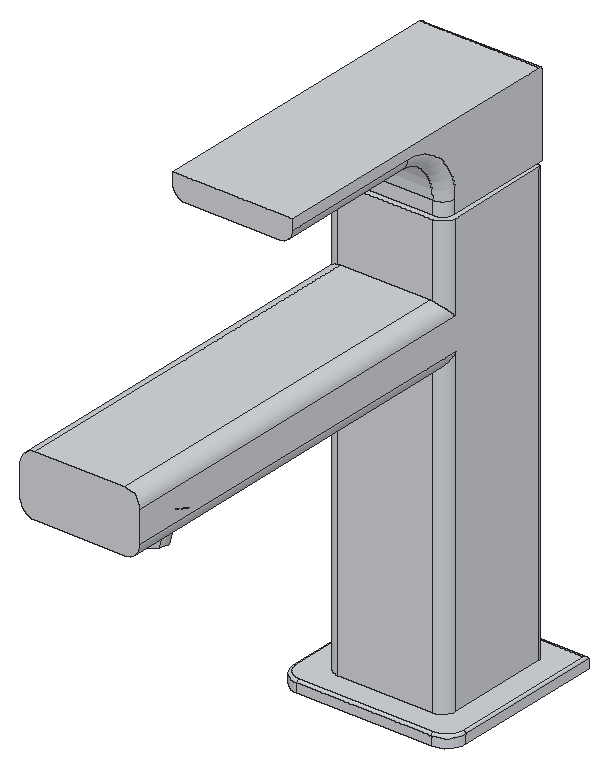
Revit family "Faucet-Lavatory -KOHLER-STRAYT-37333D_1", category Plumbing Fixtures, host Face, Revit 2017
Family settings
  Host = Face
  Round Connector Dimension = Use Diameter
  Part Type = Normal
  OmniClass Number = 23.31.11.00
  OmniClass Title = Faucets
  Cut with Voids When Loaded = No
  Shared = No
  Room Calculation Point = No
Parameters (values of type "CP-Polished Chrome")
  Width = 1 13/16"  # constant formula
  WaterSense Certified = 1 = 0  # no
  Waste Water Outlet = "Waste Water Outlet"  # constant formula
  Waste Connection = 1 = 0  # no
  Vent Connection = 1 = 0  # no
  URL = "https://www.kohler.co.uk/"
  Type = 1
  Spout Reach = 4 17/128"  # constant formula
  Product Page URL = ""
  Product Name = "STRAYT"  # constant formula
  Product Documentation Link = ""
  Pressure = 60.00 psi  # constant formula
  Model = "37333D-CP"  # constant formula
  Material = "Premium Metal Construction"  # constant formula
  Master Format 2014 Name = "Residential Faucets, Supplies, and Trim"  # constant formula
  Master Format 2014 = "22 41 39"  # constant formula
  Manufacturer Address = "Cromwell Road, Cheltenham, Gloucestershire. GL52 5EP Registered in England No. 252115"  # constant formula
  Manufacturer = "KOHLER Co."  # constant formula
  Length = Spout Reach  # 4 17/128"
  Hot Water Inlet = "Hot Water Inlet"  # constant formula
  Height = 5 179/256"  # constant formula
  Handle Clearance = 2 163/256"  # constant formula
  HW Connection = 1 = 1  # yes
  Flow Rate = 1.5 GPM  # constant formula
  Finish = Kohler-Metal-CP-Polished_Chrome
  Environmental Product Declaration = ""
  Drain Included = 1 = 0  # no
  Description = "Basin Pillar Tap, Chrome"  # constant formula
  Default Elevation = 36"
  Declare Label = ""
  Date Modified = "07/09/2021"  # constant formula
  Date Created = "07/09/2021"  # constant formula
  Copyright = "Copyright KOHLER Co."  # constant formula
  Contact Us = "https://www.kohler.co.uk/support/contact/"
  Cold Water Inlet = "Cold Water Inlet"  # constant formula
  CW Connection = 1 = 1  # yes
  Assembly Code = "D2010"
  ADA Compliant = 1 = 0  # no
Reference planes (in)
  plane 1 "Center (Front/Back)": y = 0
  plane 2: z = 0
  plane 3 "Center (Left/Right)": x = 0
  plane 4: y = 0.9055118
  plane 5: y = -0.9055118
  plane 6: y = 0.6299213
  plane 7: y = -0.6299213
  plane 8: z = 5.6992187
  plane 9: z = 3.6751969
  plane 10: y = -2.6367188
  plane 11: y = -4.1328125
  plane 12: z = 3.996063
  plane 13: z = 3.3543307
  plane 14: z = 3.1892987
  plane 15: y = -4.6456693
  plane 16: x = -0.9055118
  plane 17: x = 0.9069882
  plane 18: x = -0.4207677
  plane 19: x = 0.4207677
  plane 20: z = 0.1181102
  plane 21: x = -0.6299213
  plane 22: x = 0.6299213
Dimensions and locks (in)
  "Height": plane 8 to level
  "Spout Reach": plane 1 "Center (Front/Back)" to plane 11
  "Width": plane 16 to plane 17
  "Handle Clearance": plane 1 "Center (Front/Back)" to plane 10
  plane 14 to level = 3.1893"
  "Length": plane 11 to plane 1 "Center (Front/Back)"
  plane 5 to plane 4 = 1.81102"
  plane 15 to plane 4 = 5.55118"
  plane 12 to level = 3.99606"
  plane 21 to plane 22 = 1.25984"
  aligned and locked: plane 2 to host face
  aligned and locked: level to host face
Automatic sketch dimensions
  host sketch curve to host sketch curve = 96"  (x2)
Nested families (in)
  nested 1: "37333D" at (0, 0, 0), type "37333D"
Connectors (in)
  piping at (-0.4207677, 0.0070835, 0), diameter 0.5, driven by "HW Connection", driven by "Hot Water Inlet", driven by "Flow Rate", driven by "Pressure"
    settings: on nested 1, index 1, connector inside diameter 24", connector length 0", flow factor 0, pipe flow 1.5 GPM, pressure drop 60.00 psi, fitting loss kfactor 0, connector angle 0.00°, fixture units 0, engagement length 0", angle of deflection 0.00°, flow configuration 1, flow direction 1, fitting loss method 4, system type 19, joint type 0, gender type 0, connector reference index -1, connector utility 1, adjustable connector no, is connector primary yes, connector description "Hot Water Inlet"
  piping at (0.4207677, 0.0070835, 0), diameter 0.5, driven by "CW Connection", driven by "Cold Water Inlet", driven by "Flow Rate", driven by "Pressure"
    settings: on nested 1, index 2, connector inside diameter 24", connector length 0", flow factor 0, pipe flow 1.5 GPM, pressure drop 60.00 psi, fitting loss kfactor 0, connector angle 0.00°, fixture units 0, engagement length 0", angle of deflection 0.00°, flow configuration 1, flow direction 1, fitting loss method 4, system type 20, joint type 0, gender type 0, connector reference index -1, connector utility 1, adjustable connector no, is connector primary no, connector description "Cold Water Inlet"
Definition of nested family "37333D"
  Parameters (values of type "37333D")
    Material = none
  Reference planes (in)
    plane 1 "Center (Front/Back)": y = 0
    plane 2: z = 0
    plane 3 "Center (Left/Right)": x = 0
    plane 4: y = 0.9055118
    plane 5: y = 0.6299213
    plane 6: y = -0.9055118
    plane 7: y = -0.6299213
    plane 8: z = 5.7011549
    plane 9: y = -2.6377953
    plane 10: z = 3.1892987
    plane 11: y = -4.1338583
    plane 12: z = 3.6751969
    plane 13: z = 3.996063
    plane 14: z = 3.3543307
    plane 15: y = -4.6456693
    plane 16: x = -0.9055118
    plane 17: x = -0.6299213
    plane 18: x = 0.9055118
    plane 19: x = 0.6299213
    plane 20: z = 0.1181102
    plane 21: x = -0.4207677
    plane 22: x = 0.4207677
  Forms (in)
    Sweep 1, solid, material <- "Material", detail levels medium+fine
      path origin (0, 0, 0) x (1, 0, 0) y (0, 1, 0)
        loop
          line (-0.9055118, 0.9055118) -> (-0.9055118, -0.7086614)
          arc (-0.9055118, -0.7086614) -> (-0.8478557, -0.8478557) -> (-0.7086614, -0.9055118) r 0.1968504
          line (-0.7086614, -0.9055118) -> (0.7086614, -0.9055118)
          arc (0.7086614, -0.9055118) -> (0.8478557, -0.8478557) -> (0.9055118, -0.7086614) r 0.1968504
          line (0.9055118, -0.7086614) -> (0.9055118, 0.9055118) -> (-0.9055118, 0.9055118)
      profile origin (-0.9055118, 0.0984252, 0) x (1, 0, 0) y (0, 0, 1)
        loop
          line (0, 0) -> (0.0596051, 0) -> (0.0596051, 0.1181102) -> (0.0261346, 0.1181102)
          arc (0.0261346, 0.1181102) -> (0.0076546, 0.1104556) -> (0, 0.0919757) r 0.0261346
          line (0, 0.0919757) -> (0, 0)
    Extrusion 2, solid, material <- "Material", detail levels medium+fine
      sketch origin (0, 0, 0) x (1, 0, 0) y (0, 1, 0)
        loop
          line (-0.8459067, 0.8459067) -> (-0.8459067, -0.7086614)
          arc (-0.8459067, -0.7086614) -> (-0.8057085, -0.8057085) -> (-0.7086614, -0.8459067) r 0.1372453
          line (-0.7086614, -0.8459067) -> (0.7086614, -0.8459067)
          arc (0.7086614, -0.8459067) -> (0.8057085, -0.8057085) -> (0.8459067, -0.7086614) r 0.1372453
          line (0.8459067, -0.7086614) -> (0.8459067, 0.8459067) -> (-0.8459067, 0.8459067)
      from 0 to 0.1181102
    Extrusion 3, solid, material <- "Material", detail levels medium+fine
      sketch origin (0, 0, 0) x (1, 0, 0) y (0, 1, 0)
        loop
          line (-0.4969588, -0.6299213) -> (0.4960863, -0.6299213)
          arc (0.4960863, -0.6299213) -> (0.5907219, -0.5907219) -> (0.6299213, -0.4960863) r 0.1338349
          line (0.6299213, -0.4960863) -> (0.6299213, 0.6021528)
          arc (0.6299213, 0.6021528) -> (0.6217881, 0.6217881) -> (0.6021528, 0.6299213) r 0.0277685
          line (0.6021528, 0.6299213) -> (-0.6022873, 0.6299213)
          arc (-0.6022873, 0.6299213) -> (-0.6218275, 0.6218275) -> (-0.6299213, 0.6022873) r 0.0276339
          line (-0.6299213, 0.6022873) -> (-0.6299213, -0.4969588)
          arc (-0.6299213, -0.4969588) -> (-0.5909775, -0.5909775) -> (-0.4969588, -0.6299213) r 0.1329624
      from 0 to 4.7637795
    Revolve 4, solid, material <- "Material", detail levels medium+fine
      sketch origin (0, 0, 0) x (0, 1, 0) y (0, 0, 1)
        loop
          line (0, 4.7637795) -> (0.5410833, 4.7637795) -> (0.5410833, 4.8076434) -> (0, 4.8076434) -> (0, 4.7637795)
        axis (0, 4.8076434) -> (0, 4.7637795)
      angle from 0 to 360
    Extrusion 5, solid, material <- "Material", detail levels medium+fine
      sketch origin (0, 0.0336267, -1.2674343) x (0, 1, 0) y (0, 0, 1)
        loop
          line (-0.5211382, 6.0749279) -> (0.6089681, 6.0749279) -> (0.5992165, 6.9421676)
          arc (0.5992165, 6.9421676) -> (0.5912849, 6.9608684) -> (0.5724961, 6.9685892) r 0.026722
          line (0.5724961, 6.9685892) -> (-2.6714219, 6.9685892) -> (-2.6714219, 6.9046157) -> (-1.2359575, 6.9046157)
          arc (-1.2359575, 6.9046157) -> (-0.7305039, 6.6952499) -> (-0.5211382, 6.1897963) r 0.7148194
          line (-0.5211382, 6.1897963) -> (-0.5211382, 6.0749279)
      from -0.6299213 to 0.6299213
    Sweep 6, solid, material <- "Material", detail levels medium+fine
      path origin (0, 0.0336267, -1.2674343) x (0, 1, 0) y (0, 0, 1)
        loop
          line (-2.6714219, 6.7245342) -> (-1.1722294, 6.7245342)
          arc (-1.1722294, 6.7245342) -> (-0.8150569, 6.5765885) -> (-0.6671113, 6.2194161) r 0.5051181
          line (-0.6671113, 6.2194161) -> (-0.6671113, 6.0749279)
      profile origin (0, -2.6377953, 5.4570999) x (0, 0, 1) y (1, 0, 0)
        loop
          line (0, 0.496063) -> (0, -0.496063)
          arc (0, -0.496063) -> (0.0392062, -0.5907151) -> (0.1338583, -0.6299213) r 0.1338583
          line (0.1338583, -0.6299213) -> (0.244055, -0.6299213) -> (0.244055, 0.6299213) -> (0.1338583, 0.6299213)
          arc (0.1338583, 0.6299213) -> (0.0392062, 0.5907151) -> (0, 0.496063) r 0.1338583
    Extrusion 7, solid, material <- "Material", detail levels medium+fine
      sketch origin (0, 0, 0) x (1, 0, 0) y (0, 0, 1)
        loop
          line (-0.6299213, 3.8407153) -> (-0.6299213, 3.5096784)
          arc (-0.6299213, 3.5096784) -> (-0.584421, 3.399831) -> (-0.4745736, 3.3543307) r 0.1553477
          line (-0.4745736, 3.3543307) -> (0.4745736, 3.3543307)
          arc (0.4745736, 3.3543307) -> (0.584421, 3.399831) -> (0.6299213, 3.5096784) r 0.1553477
          line (0.6299213, 3.5096784) -> (0.6299213, 3.8407153)
          arc (0.6299213, 3.8407153) -> (0.584421, 3.9505627) -> (0.4745736, 3.996063) r 0.1553477
          line (0.4745736, 3.996063) -> (-0.4745736, 3.996063)
          arc (-0.4745736, 3.996063) -> (-0.584421, 3.9505627) -> (-0.6299213, 3.8407153) r 0.1553477
      from 0 to 4.6456693
    Sweep 8, solid, material <- "Material"
      path origin (0.0106987, -1.4795456, -1.8429164) x (1, 0, 0) y (0, 0.951057, -0.309017)
        loop
          circle (0, -4.0708661) r 0.3543307
      profile origin (0.0106987, -5.0141808, -0.6944438) x (0, -0.951057, 0.309017) y (0, 0.309017, 0.951057)
        loop
          line (-0.0586517, 3.9621017) -> (-0.010134, 3.9621017)
          arc (-0.010134, 3.9621017) -> (0.0046479, 3.9682245) -> (0.0107707, 3.9830063) r 0.0209046
          line (0.0107707, 3.9830063) -> (0.0107707, 4.046664)
          arc (0.0107707, 4.046664) -> (0.0167331, 4.0610584) -> (0.0311275, 4.0670208) r 0.0203568
          line (0.0311275, 4.0670208) -> (0.0641827, 4.0670208) -> (0.0641827, 4.3307699) -> (-0.2440417, 4.4309181) -> (-0.2641011, 4.3691816)
          arc (-0.2641011, 4.3691816) -> (-0.1152612, 4.2577355) -> (-0.0586517, 4.0806227) r 0.3053689
          line (-0.0586517, 4.0806227) -> (-0.0586517, 3.9621017)
    Revolve 9, solid, material <- "Material", detail levels medium+fine
      sketch origin (0, 0, -0.0030758) x (0, 1, 0) y (0, 0, 1)
        loop
          line (0.614304, 5.3207195) -> (0.614304, 5.1754738)
          arc (0.614304, 5.1754738) -> (0.6654148, 5.2399357) -> (0.6809597, 5.3207195) r 0.1729428
          line (0.6809597, 5.3207195) -> (0.614304, 5.3207195)
        axis (0.6809597, 5.3207195) -> (0.614304, 5.3207195)
      angle from 0 to 360
    Extrusion 10, solid, material <- "Material", detail levels coarse
      sketch origin (0, 0, 0) x (1, 0, 0) y (0, 1, 0)
        loop
          line (0.9360129, 0.925561) -> (-0.9360129, 0.925561) -> (-0.9360129, -0.9238456) -> (0.9360129, -0.9238456) -> (0.9360129, 0.925561)
      from 0 to 0.1431086
    Extrusion 11, solid, material <- "Material", detail levels coarse
      sketch origin (0, 0, 0) x (1, 0, 0) y (0, 1, 0)
        loop
          line (-0.6299213, -0.6551244) -> (0.6299213, -0.6551244) -> (0.6299213, 0.6692913) -> (-0.6299213, 0.6692913) -> (-0.6299213, -0.6551244)
      from 0.1181102 to 4.7637795
    Extrusion 12, solid, material <- "Material", detail levels coarse
      sketch origin (0, 0, 0) x (0, 1, 0) y (0, 0, 1)
        loop
          line (0.6774492, 5.7011549) -> (-2.6377953, 5.7011549) -> (-2.6377953, 5.4309669) -> (-1.0629921, 5.4309669)
          arc (-1.0629921, 5.4309669) -> (-0.7846036, 5.3156546) -> (-0.6692913, 5.0372661) r 0.3937008
          line (-0.6692913, 5.0372661) -> (-0.6692913, 4.8074936) -> (0.6874978, 4.8074936) -> (0.6774492, 5.7011549)
      from -0.6299213 to 0.6299213
    Extrusion 13, solid, material <- "Material", detail levels coarse
      sketch origin (0, 0, 0) x (1, 0, 0) y (0, 0, 1)
        loop
          line (0.6299213, 3.996063) -> (-0.6299213, 3.996063) -> (-0.6299213, 3.3543307) -> (0.6299213, 3.3543307) -> (0.6299213, 3.996063)
      from 0.4210559 to 4.6456693
    Revolve 14, solid, material <- "Material", detail levels coarse
      sketch origin (0, 0, 0) x (0, 1, 0) y (0, 0, 1)
        loop
          line (-4.1084747, 3.1772747) -> (-3.734043, 3.0556145) -> (-3.6369842, 3.3543307) -> (-4.0114159, 3.4759909) -> (-4.1084747, 3.1772747)
        axis (-4.1084747, 3.1772747) -> (-4.0114159, 3.4759909)
      angle from 0 to 360
    Revolve 15, solid, material <- "Material", detail levels coarse
      sketch origin (0, -0.0738189, 0) x (0, 1, 0) y (0, 0, 1)
        loop
          line (0.0714842, 4.7637795) -> (0.5661494, 4.7637795) -> (0.5661494, 4.8074936) -> (0.0714842, 4.8074936) -> (0.0714842, 4.7637795)
        axis (0.0714842, 4.8074936) -> (0.0714842, 4.7637795)
      angle from 0 to 360
    Extrusion 16, solid, material <- "Material"
      sketch origin (0.2091535, 0, 0) x (1, 0, 0) y (0, 1, 0)
        loop
          circle (-0.6299213, 0.0070835) r 0.1258122
      from 0 to 0.0685949
    Extrusion 17, solid, material <- "Material"
      sketch origin (-0.2091535, 0, 0) x (-1, 0, 0) y (0, -1, 0)
        loop
          circle (-0.6299213, -0.0070835) r 0.1258122
      from 0 to 0.0685949
  Cuts and joins
    joined: Sweep 1, Extrusion 2, Extrusion 3, Revolve 4, Extrusion 5, Sweep 6, Extrusion 7
    joined: Extrusion 11, Extrusion 13
  Lines and regions (in)
    Masking region 1
      outline origin (0, 0, 0) x (0, 1, 0) y (0, 0, 1)
        loop
          line (0, 0) -> (0.9055118, 0) -> (0.9055118, 0.0925023)
          arc (0.9055118, 0.0925023) -> (0.8980114, 0.1106098) -> (0.8799039, 0.1181102) r 0.0256079
          line (0.8799039, 0.1181102) -> (0.6299213, 0.1181102) -> (0.6299213, 4.7637795) -> (0.5410833, 4.7637795) -> (0.5410833, 4.8074936) -> (0.6425947, 4.8074936) -> (0.6382324, 5.1954479)
          arc (0.6382324, 5.1954479) -> (0.6851237, 5.3195367) -> (0.635454, 5.4425397) r 0.1822237
          line (0.635454, 5.4425397) -> (0.6328432, 5.6747334)
          arc (0.6328432, 5.6747334) -> (0.6249116, 5.6934342) -> (0.6061228, 5.7011549) r 0.026722
          line (0.6061228, 5.7011549) -> (-2.6377953, 5.7011549) -> (-2.6377953, 5.4570999) -> (-1.141025, 5.4570999)
          arc (-1.141025, 5.4570999) -> (-0.7698799, 5.2977025) -> (-0.6299213, 4.9187991) r 0.5117908
          line (-0.6299213, 4.9187991) -> (-0.6299213, 4.8074936) -> (-0.5410833, 4.8074936) -> (-0.5410833, 4.7637795) -> (-0.6299213, 4.7637795) -> (-0.6299213, 4.5252196)
          arc (-0.6299213, 4.5252196) -> (-0.7849077, 4.1510494) -> (-1.1590779, 3.996063) r 0.5291566
          line (-1.1590779, 3.996063) -> (-4.6456693, 3.996063) -> (-4.6456693, 3.3543307) -> (-4.5061619, 3.3543307) -> (-4.5202216, 3.3110594) -> (-3.734043, 3.0556145) -> (-3.6976339, 3.1676701)
          arc (-3.6976339, 3.1676701) -> (-3.6310749, 3.2804414) -> (-3.5229646, 3.3543307) r 0.3013285
          line (-3.5229646, 3.3543307) -> (-1.1574803, 3.3543307)
          arc (-1.1574803, 3.3543307) -> (-0.7844397, 3.1998122) -> (-0.6299213, 2.8267717) r 0.5275591
          line (-0.6299213, 2.8267717) -> (-0.6299213, 0.1181102) -> (-0.8799039, 0.1181102)
          arc (-0.8799039, 0.1181102) -> (-0.8980114, 0.1106098) -> (-0.9055118, 0.0925023) r 0.0256079
          line (-0.9055118, 0.0925023) -> (-0.9055118, 0) -> (0, 0)
    Masking region 2
      outline origin (0, 0, 0) x (1, 0, 0) y (0, 0, 1)
        loop
          line (0, 0) -> (0.9055118, 0) -> (0.9055118, 0.0919757)
          arc (0.9055118, 0.0919757) -> (0.8978572, 0.1104556) -> (0.8793772, 0.1181102) r 0.0261346
          line (0.8793772, 0.1181102) -> (0.6299213, 0.1181102) -> (0.6299213, 4.7637795) -> (0.5410833, 4.7637795) -> (0.5410833, 4.8074936) -> (0.6299213, 4.8074936) -> (0.6299213, 5.7011549) -> (0, 5.7011549) -> (-0.6299213, 5.7011549) -> (-0.6299213, 4.8074936) -> (-0.5410833, 4.8074936) -> (-0.5410833, 4.7637795) -> (-0.6299213, 4.7637795) -> (-0.6299213, 0.1181102) -> (-0.8793772, 0.1181102)
          arc (-0.8793772, 0.1181102) -> (-0.8978572, 0.1104556) -> (-0.9055118, 0.0919757) r 0.0261346
          line (-0.9055118, 0.0919757) -> (-0.9055118, 0) -> (0, 0)
    Masking region 3
      outline origin (0, 0, 0) x (1, 0, 0) y (0, 1, 0)
        loop
          line (0, 0.9055118) -> (-0.9055118, 0.9055118) -> (-0.9055118, -0.7086614)
          arc (-0.9055118, -0.7086614) -> (-0.8478557, -0.8478557) -> (-0.7086614, -0.9055118) r 0.1968504
          line (-0.7086614, -0.9055118) -> (-0.6299213, -0.9055118) -> (-0.6299213, -4.6456693) -> (0, -4.6456693) -> (0.6299213, -4.6456693) -> (0.6299213, -0.9055118) -> (0.7086614, -0.9055118)
          arc (0.7086614, -0.9055118) -> (0.8478557, -0.8478557) -> (0.9055118, -0.7086614) r 0.1968504
          line (0.9055118, -0.7086614) -> (0.9055118, 0.9055118) -> (0, 0.9055118)
    symbolic lines, detail levels medium+fine
      curve 1: line (0, -0.6299213, 0.1181102) -> (0, 0.6299213, 0.1181102)
      curve 2: line (0, -0.6334846, 4.8074936) -> (0, 0.6425947, 4.8074936)
      curve 3: line (0, 0.6299213, 4.7637795) -> (0, -0.6299213, 4.7637795)
      curve 4: line (0, 0.6425947, 4.8074936) -> (0, 0.6328432, 5.6747334)
      curve 5: line (0, -4.5061619, 3.3543307) -> (0, -3.5229646, 3.3543307)
      curve 6: line (-0.6299213, 0, 0.1181102) -> (0.6299213, 0, 0.1181102)
      curve 7: line (-0.6299213, 0, 4.8074936) -> (0.6299213, 0, 4.8074936)
      curve 8: line (0.6299213, 0, 4.7637795) -> (-0.6299213, 0, 4.7637795)
      curve 9: arc (-0.4745736, 0, 3.996063) -> (-0.584421, 0, 3.9505627) -> (-0.6299213, 0, 3.8407153) r 0.1553477
      curve 10: line (0.4745736, 0, 3.996063) -> (-0.4745736, 0, 3.996063)
      curve 11: arc (0.6299213, 0, 3.8407153) -> (0.584421, 0, 3.9505627) -> (0.4745736, 0, 3.996063) r 0.1553477
      curve 12: arc (-0.6299213, 0, 3.5096784) -> (-0.584421, 0, 3.399831) -> (-0.4745736, 0, 3.3543307) r 0.1553477
      curve 13: line (-0.4745736, 0, 3.3543307) -> (0.4745736, 0, 3.3543307)
      curve 14: arc (0.4745736, 0, 3.3543307) -> (0.584421, 0, 3.399831) -> (0.6299213, 0, 3.5096784) r 0.1553477
      curve 15: spline (0.4236811, 0, 3.1832331) -> (0.4096091, 0, 3.1502029) -> (0.368352, 0, 3.1194238) -> (0.3027214, 0, 3.0929931) -> (0.2171899, 0, 3.0727121) -> (0.1175864, 0, 3.059963) -> (0.0106987, 0, 3.0556145) -> (-0.096189, 0, 3.059963) -> (-0.1957925, 0, 3.0727121) -> (-0.281324, 0, 3.0929931) -> (-0.3469546, 0, 3.1194238) -> (-0.3882117, 0, 3.1502029) -> (-0.4022837, 0, 3.1832331)
      curve 16: spline (-0.4022837, 0, 3.1832331) -> (-0.3882117, 0, 3.2162632) -> (-0.3469546, 0, 3.2470424) -> (-0.281324, 0, 3.273473) -> (-0.1957925, 0, 3.293754) -> (-0.096189, 0, 3.3065032) -> (0.0106987, 0, 3.3108517) -> (0.1175864, 0, 3.3065032) -> (0.2171899, 0, 3.293754) -> (0.3027214, 0, 3.273473) -> (0.368352, 0, 3.2470424) -> (0.4096091, 0, 3.2162632) -> (0.4236811, 0, 3.1832331)
      curve 17: line (-0.4022837, 0, 3.1832331) -> (-0.4022837, 0, 3.3543307)
      curve 18: line (0.4236811, 0, 3.1832331) -> (0.4236811, 0, 3.3543307)
      curve 19: line (0.3961221, 0, 3.1893846) -> (-0.3763662, 0, 3.1893846)
      curve 20: line (0.3961221, 0, 3.1892127) -> (-0.3763662, 0, 3.1892127)
      curve 21: spline (-0.2656323, 0, 3.2556782) -> (-0.2411214, 0, 3.2384795) -> (-0.2055478, 0, 3.2232374) -> (-0.1604742, 0, 3.2106215) -> (-0.1078808, 0, 3.201186) -> (-0.0500781, 0, 3.1953455) -> (0.0103946, 0, 3.1933565) -> (0.0708807, 0, 3.1953063) -> (0.1287229, 0, 3.2011094) -> (0.1813802, 0, 3.2105108) -> (0.2265393, 0, 3.2230975) -> (0.2622162, 0, 3.2383165) -> (0.2868437, 0, 3.2554992)
      curve 22: line (-0.496063, 0, 5.4570999) -> (0.496063, 0, 5.4570999)
      curve 23: arc (-0.6299213, 0, 5.5909582) -> (-0.5907151, 0, 5.4963061) -> (-0.496063, 0, 5.4570999) r 0.1338583
      curve 24: arc (0.496063, 0, 5.4570999) -> (0.5907151, 0, 5.4963061) -> (0.6299213, 0, 5.5909582) r 0.1338583
      curve 25: line (-0.6299213, 0.6299213, 0) -> (-0.6299213, -0.9055118, 0)
      curve 26: line (0.6299213, 0.6299213, 0) -> (-0.6299213, 0.6299213, 0)
      curve 27: arc (-0.1335793, 0.6299213, 0) -> (-0.0000782, 0.6812611, 0) -> (0.1334229, 0.6299213, 0) r 0.1992442
      curve 28: line (-0.6299213, -2.6377953, 0) -> (0.6299213, -2.6377953, 0)
      curve 29: line (0.6299213, 0.6299213, 0) -> (0.6299213, -0.9055118, 0)
  Dimensions and locks (in)
    level to plane 8 = 5.70115"
    plane 10 to level = 3.1893"
    plane 1 "Center (Front/Back)" to plane 11 = 4.13386"
    plane 5 to plane 15 = 5.27559"
    aligned and locked: level to plane 2
